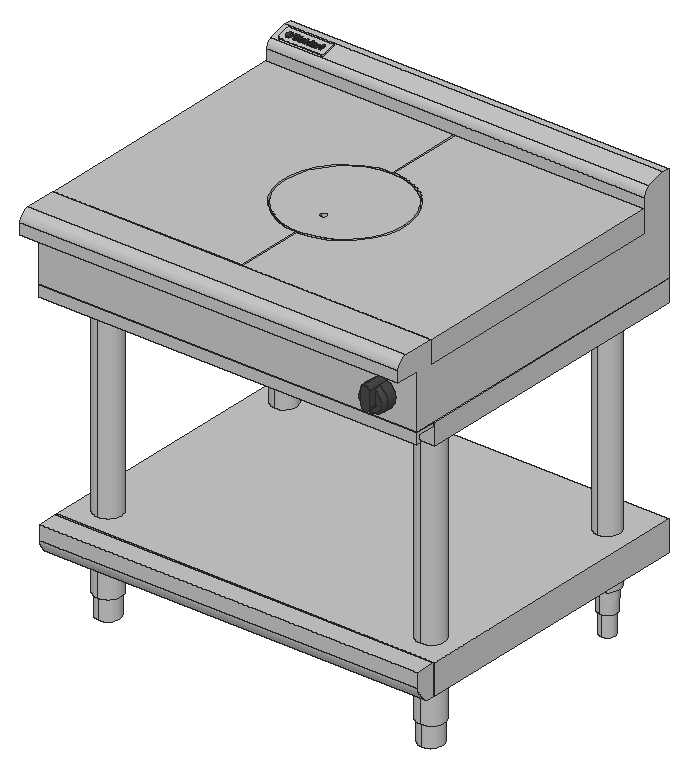
Revit family "QF_MOFFAT WALDORF_RNL8100G-LS", category Specialty Equipment, Revit 2012
Parameters
  Width = 900 mm
  Weight in Pounds = 392.4224
  URL Cutsheet = "www.moffat.com"
  URL = "www.moffat.com"
  Type Mark [instance] = ""
  Status [instance] = ""
  Specification by User [instance] = ""
  Specification by Manufacturer = ""
  Show Logo [instance] = yes
  Show Clearance [instance] = yes
  Serial Number = ""
  Seismic Rating = ""
  SMACNA No = ""
  Revision Code [instance] = ""
  Omniclass Number and Title = ""
  NAFEM Spec ID Number = ""
  Model = "RNL8100G-LS"
  Mechanical Remarks = ""
  Mechanical Connection Type [instance] = ""
  Masterspec = ""
  Manufacturer = "MOFFAT WALDORF"
  Item Number [instance] = ""
  Installed By [instance] = ""
  Identify Quantity as Lot [instance] = yes
  Height = 970 mm
  Gas Size = 3/4"
  Gas RI Height [instance] = 0 mm
  Gas KW [instance] = 12.5
  Gas Input [instance] = 42652.0 Btu/h
  Gas Connection Height = 0 mm
  Furnished By [instance] = ""
  Foodservice Equipment Identifier [instance] = yes
  Description = "TARGET TOP LOW SPLASHBACK GAS HOB ON LEG STAND"
  Depth = 805 mm
  CSI MasterFormat = ""
  CSI Master Format = ""
Reference planes
  plane 1 "BACK": y = 0
  plane 2: z = 0
  plane 3 "LEFT": x = 0
  plane 4 "RIGHT": x = 900
  plane 5 "FRONT": y = -805
  plane 6 "TOP": z = 970
  plane 7 "Center Y": x = 450
  plane 8 "Center X": y = -402.5
  plane 9: x = 280
  plane 10: y = -574.272
  plane 11: x = 60
  plane 12: y = -304.972
  plane 13: y = -364.972
  plane 14: x = 74
  plane 15: y = -805
  plane 16: x = 834.5
  plane 17: y = -32
  plane 18: z = 655
Forms (mm)
  Extrusion 1, solid, material "QF_Finishes_Stainless Steel"
    sketch origin (0, 0, 0) x (0, 1, 0) y (0, 0, 1)
      loop
        line (0, 150) -> (0, 222.5) -> (-696.73, 222.5) -> (-696.73, 150) -> (0, 150)
      loop
        line (-16.5, 970) -> (-58.709, 958.69)
        arc (-58.709, 958.69) -> (-66.975, 950.425) -> (-70, 939.134) r 22.582
        line (-70, 939.134) -> (-70, 861.8) -> (-709, 861.8) -> (-709, 915) -> (-781, 915)
        arc (-781, 915) -> (-797.971, 907.971) -> (-805, 891) r 24
        line (-805, 891) -> (-805, 866) -> (-749, 866) -> (-749, 736.219) -> (0, 736.219) -> (0, 970) -> (-16.5, 970)
      loop
        line (-700.93, 150.071) -> (-700.93, 222.5) -> (-746.73, 222.5) -> (-746.73, 188)
        arc (-746.73, 188) -> (-731.317, 159.995) -> (-700.93, 150.071) r 43.526
      loop
        line (-749, 710) -> (-740.224, 710) -> (-742.613, 726.999) -> (-700.93, 726.999) -> (-700.93, 734.003) -> (-749, 734.003) -> (-749, 710)
      loop
        line (-696.73, 734.003) -> (-696.73, 684.003) -> (0, 684.003) -> (0, 734.003) -> (-696.73, 734.003)
    from 0 to 900
  Extrusion 2, solid, material "QF_Finishes_Stainless Steel"
    sketch origin (0, 0, 0) x (0, 1, 0) y (0, 0, 1)
      loop
        line (-72.734, 915) -> (-705.7, 915) -> (-705.7, 862.8) -> (-72.734, 862.8) -> (-72.734, 915)
    from 0 to 900
  Revolve 3, solid, material "QF_Finishes_Black"
    sketch origin (824.351, 38.874, 1.132) x (0, 1, 0) y (0, 0, 1)
      loop
        line (-820.874, 829.5) -> (-831.874, 823.651) -> (-831.874, 797) -> (-787.874, 797) -> (-787.874, 802) -> (-797.874, 802) -> (-797.874, 829.5) -> (-820.874, 829.5)
      axis (-831.874, 797) -> (-787.874, 797)
    angle from 0 to 360
  Extrusion 4, solid, material "QF_Finishes_Black"
    sketch origin (676.544, 0, 1.132) x (1, 0, 0) y (0, 0, 1)
      loop
        line (158.3, 789) -> (158.3, 824)
        arc (158.3, 824) -> (148.3, 834) -> (138.3, 824) r 10
        line (138.3, 824) -> (138.3, 789)
        arc (138.3, 789) -> (148.3, 779) -> (158.3, 789) r 10
    from 759 to 808
  Extrusion 5, void
    sketch origin (0, -138, 915) x (1, 0, 0) y (0, -1, 0)
      loop
        circle (450, 262.2) r 140
      loop
        arc (452.2, 117.22) -> (594.802, 262.404) -> (451.798, 407.193) r 145.003
        line (451.798, 407.193) -> (451.798, 567.7) -> (447.7, 567.7) -> (447.7, 407.17)
        arc (447.7, 407.17) -> (305.533, 262.063) -> (447.967, 117.217) r 145.002
        line (447.967, 117.217) -> (447.967, -65.266) -> (452.2, -65.266) -> (452.2, 117.22)
      loop
        circle (450, 324.79) r 7.524
    from 0 to 10
  Revolve 6, solid, material "QF_Finishes_Stainless Steel"
    sketch origin (834.5, -165, 0) x (0, 1, 0) y (0, 0, -1)
      loop
        line (43.25, -50) -> (41.418, -102.468) -> (36.406, -102.468) -> (36.406, -150) -> (65, -150) -> (65, 0) -> (47.5, 0) -> (47.5, -50) -> (43.25, -50)
      loop
        line (65, -222.5) -> (36.406, -222.5) -> (36.406, -684.003) -> (65, -684.003) -> (65, -222.5)
      axis (65, -684.003) -> (65, 0)
    angle from 0 to 360
  Revolve 7, solid, material "QF_Finishes_Stainless Steel"
    sketch origin (834.5, -696.126, 0) x (0, 1, 0) y (0, 0, -1)
      loop
        line (39.376, -150) -> (71.126, -150) -> (71.126, 0) -> (43.626, 0) -> (43.626, -50) -> (39.376, -50) -> (39.376, -150)
      loop
        line (71.126, -222.5) -> (39.376, -222.5) -> (39.376, -684.003) -> (71.126, -684.003) -> (71.126, -222.5)
      axis (71.126, -684.003) -> (71.126, 0)
    angle from 0 to 360
  Revolve 8, solid, material "QF_Finishes_Stainless Steel"
    sketch origin (65.5, -165, 0) x (0, 1, 0) y (0, 0, 1)
      loop
        line (41.418, 102.468) -> (43.25, 50) -> (47.5, 50) -> (47.5, 0) -> (65, 0) -> (65, 150) -> (36.406, 150) -> (36.406, 102.468) -> (41.418, 102.468)
      loop
        line (36.406, 684.003) -> (36.406, 222.5) -> (65, 222.5) -> (65, 684.003) -> (36.406, 684.003)
      axis (65, 684.003) -> (65, 0)
    angle from 0 to 360
  Revolve 9, solid, material "QF_Finishes_Stainless Steel"
    sketch origin (65.5, -696.126, 0) x (0, 1, 0) y (0, 0, 1)
      loop
        line (39.376, 150) -> (39.376, 50) -> (43.626, 50) -> (43.626, 0) -> (71.126, 0) -> (71.126, 150) -> (39.376, 150)
      loop
        line (71.126, 222.5) -> (71.126, 684.003) -> (39.376, 684.003) -> (39.376, 222.5) -> (71.126, 222.5)
      axis (71.126, 684.003) -> (71.126, 0)
    angle from 0 to 360
  Extrusion 10, solid, material "QF_Finishes_Stainless Steel"
    sketch origin (-64.5, 0, 325) x (1, 0, 0) y (0, 1, 0)
      loop
        circle (834.5, -32) r 10
    from 330 to 355
Cuts and joins
  Extrusion 5 cuts Extrusion 1
  Extrusion 5 cuts Extrusion 2
Lines and regions (mm)
  Split face 1
    outline origin (0, -16.5, 970) x (0, -0.965926, -0.258819) y (1, 0, 0)
      loop
        line (1.962, 129.583) -> (29.558, 129.583) -> (29.558, 149.583) -> (1.962, 149.583) -> (1.962, 129.583)
  Split face 2
    outline origin (0, -16.5, 970) x (0, -0.965926, -0.258819) y (1, 0, 0)
      loop
        line (29.558, 156.5) -> (29.558, 176.5) -> (1.962, 176.5) -> (1.962, 156.5) -> (29.558, 156.5)
  Split face 3
    outline origin (0, -16.5, 970) x (0, -0.965926, -0.258819) y (1, 0, 0)
      loop
        line (29.558, 203.5) -> (1.962, 203.5) -> (1.962, 183.5) -> (29.558, 183.5) -> (29.558, 203.5)
  Split face 4
    outline origin (0, -16.5, 970) x (0, -0.965926, -0.258819) y (1, 0, 0)
      loop
        line (29.558, 230.5) -> (1.962, 230.5) -> (1.962, 210.5) -> (29.558, 210.5) -> (29.558, 230.5)
  Split face 5
    outline origin (0, -16.5, 970) x (0, -0.965926, -0.258819) y (1, 0, 0)
      loop
        line (29.558, 257.5) -> (1.962, 257.5) -> (1.962, 237.5) -> (29.558, 237.5) -> (29.558, 257.5)
  Split face 6
    outline origin (0, -16.5, 970) x (0, -0.965926, -0.258819) y (1, 0, 0)
      loop
        line (29.558, 264.5) -> (29.558, 284.5) -> (1.962, 284.5) -> (1.962, 264.5) -> (29.558, 264.5)
  Split face 7
    outline origin (0, -16.5, 970) x (0, -0.965926, -0.258819) y (1, 0, 0)
      loop
        line (29.558, 311.5) -> (1.962, 311.5) -> (1.962, 291.5) -> (29.558, 291.5) -> (29.558, 311.5)
  Split face 8
    outline origin (0, -16.5, 970) x (0, -0.965926, -0.258819) y (1, 0, 0)
      loop
        line (1.962, 638.5) -> (1.962, 618.5) -> (29.558, 618.5) -> (29.558, 638.5) -> (1.962, 638.5)
  Split face 9
    outline origin (0, -16.5, 970) x (0, -0.965926, -0.258819) y (1, 0, 0)
      loop
        line (1.962, 645.5) -> (29.558, 645.5) -> (29.558, 665.5) -> (1.962, 665.5) -> (1.962, 645.5)
  Split face 10
    outline origin (0, -16.5, 970) x (0, -0.965926, -0.258819) y (1, 0, 0)
      loop
        line (29.558, 672.5) -> (29.558, 692.5) -> (1.962, 692.5) -> (1.962, 672.5) -> (29.558, 672.5)
  Split face 11
    outline origin (0, -16.5, 970) x (0, -0.965926, -0.258819) y (1, 0, 0)
      loop
        line (29.558, 699.5) -> (29.558, 719.5) -> (1.962, 719.5) -> (1.962, 699.5) -> (29.558, 699.5)
  Split face 12
    outline origin (0, -16.5, 970) x (0, -0.965926, -0.258819) y (1, 0, 0)
      loop
        line (29.558, 726.5) -> (29.558, 746.5) -> (1.962, 746.5) -> (1.962, 726.5) -> (29.558, 726.5)
  Split face 13
    outline origin (0, -16.5, 970) x (0, -0.965926, -0.258819) y (1, 0, 0)
      loop
        line (1.962, 753.5) -> (29.558, 753.5) -> (29.558, 773.5) -> (1.962, 773.5) -> (1.962, 753.5)
  Split face 14
    outline origin (29.312, -16.5, 970) x (0, -0.965926, -0.258819) y (1, 0, 0)
      loop
        line (29.558, 311.5) -> (1.962, 311.5) -> (1.962, 291.5) -> (29.558, 291.5) -> (29.558, 311.5)
  Split face 15
    outline origin (58.539, -16.5, 970) x (0, -0.965926, -0.258819) y (1, 0, 0)
      loop
        line (29.558, 311.5) -> (1.962, 311.5) -> (1.962, 291.5) -> (29.558, 291.5) -> (29.558, 311.5)
  Split face 16
    outline origin (85.538, -16.5, 970) x (0, -0.965926, -0.258819) y (1, 0, 0)
      loop
        line (29.558, 311.5) -> (1.962, 311.5) -> (1.962, 291.5) -> (29.558, 291.5) -> (29.558, 311.5)
  Split face 17
    outline origin (111.014, -16.5, 970) x (0, -0.965926, -0.258819) y (1, 0, 0)
      loop
        line (29.558, 311.5) -> (1.962, 311.5) -> (1.962, 291.5) -> (29.558, 291.5) -> (29.558, 311.5)
  Split face 18
    outline origin (137.462, -16.5, 970) x (0, -0.965926, -0.258819) y (1, 0, 0)
      loop
        line (29.558, 311.5) -> (1.962, 311.5) -> (1.962, 291.5) -> (29.558, 291.5) -> (29.558, 311.5)
  Split face 19
    outline origin (163.546, -16.5, 970) x (0, -0.965926, -0.258819) y (1, 0, 0)
      loop
        line (29.558, 311.5) -> (1.962, 311.5) -> (1.962, 291.5) -> (29.558, 291.5) -> (29.558, 311.5)
  Split face 20
    outline origin (189.443, -16.5, 970) x (0, -0.965926, -0.258819) y (1, 0, 0)
      loop
        line (29.558, 311.5) -> (1.962, 311.5) -> (1.962, 291.5) -> (29.558, 291.5) -> (29.558, 311.5)
  Split face 21
    outline origin (215.891, -16.5, 970) x (0, -0.965926, -0.258819) y (1, 0, 0)
      loop
        line (29.558, 311.5) -> (1.962, 311.5) -> (1.962, 291.5) -> (29.558, 291.5) -> (29.558, 311.5)
  Split face 22
    outline origin (246.196, -16.5, 970) x (0, -0.965926, -0.258819) y (1, 0, 0)
      loop
        line (29.558, 311.5) -> (1.962, 311.5) -> (1.962, 291.5) -> (29.558, 291.5) -> (29.558, 311.5)
  Split face 23
    outline origin (274.297, -16.5, 970) x (0, -0.965926, -0.258819) y (1, 0, 0)
      loop
        line (29.558, 311.5) -> (1.962, 311.5) -> (1.962, 291.5) -> (29.558, 291.5) -> (29.558, 311.5)
  Split face 24
    outline origin (299.643, -16.5, 970) x (0, -0.965926, -0.258819) y (1, 0, 0)
      loop
        line (29.558, 311.5) -> (1.962, 311.5) -> (1.962, 291.5) -> (29.558, 291.5) -> (29.558, 311.5)
  symbolic lines
    curve 1: line (0, 0, 0) -> (0, -805, 0)
    curve 2: line (900, 0, 0) -> (0, 0, 0)
    curve 3: line (900, -805, 0) -> (900, 0, 0)
    curve 4: line (0, -70, 0) -> (900, -70, 0)
    curve 5: line (12.5, -51.234, 0) -> (12.5, -20.958, 0)
    curve 6: line (12.5, -20.958, 0) -> (121.5, -20.958, 0)
    curve 7: line (12.5, -51.234, 0) -> (121.5, -51.234, 0)
    curve 8: line (121.5, -20.958, 0) -> (121.5, -51.234, 0)
    curve 9: line (129.583, -22.262, 0) -> (129.583, -50.526, 0)
    curve 10: line (129.583, -50.526, 0) -> (149.583, -50.526, 0)
    curve 11: line (149.583, -50.526, 0) -> (149.583, -22.262, 0)
    curve 12: line (149.583, -22.262, 0) -> (129.583, -22.262, 0)
    curve 13: line (156.5, -22.262, 0) -> (156.5, -50.526, 0)
    curve 14: line (156.5, -50.526, 0) -> (176.5, -50.526, 0)
    curve 15: line (176.5, -50.526, 0) -> (176.5, -22.262, 0)
    curve 16: line (176.5, -22.262, 0) -> (156.5, -22.262, 0)
    curve 17: line (183.5, -22.262, 0) -> (183.5, -50.526, 0)
    curve 18: line (183.5, -50.526, 0) -> (203.5, -50.526, 0)
    curve 19: line (203.5, -50.526, 0) -> (203.5, -22.262, 0)
    curve 20: line (203.5, -22.262, 0) -> (183.5, -22.262, 0)
    curve 21: line (210.5, -22.262, 0) -> (210.5, -50.526, 0)
    curve 22: line (210.5, -50.526, 0) -> (230.5, -50.526, 0)
    curve 23: line (230.5, -50.526, 0) -> (230.5, -22.262, 0)
    curve 24: line (230.5, -22.262, 0) -> (210.5, -22.262, 0)
    curve 25: line (900, -805, 0) -> (0, -805, 0)
    curve 26: line (237.5, -22.262, 0) -> (237.5, -50.526, 0)
    curve 27: line (237.5, -50.526, 0) -> (257.5, -50.526, 0)
    curve 28: line (257.5, -50.526, 0) -> (257.5, -22.262, 0)
    curve 29: line (257.5, -22.262, 0) -> (237.5, -22.262, 0)
    curve 30: line (264.417, -22.262, 0) -> (264.417, -50.526, 0)
    curve 31: line (264.417, -50.526, 0) -> (284.417, -50.526, 0)
    curve 32: line (284.417, -50.526, 0) -> (284.417, -22.262, 0)
    curve 33: line (284.417, -22.262, 0) -> (264.417, -22.262, 0)
    curve 34: line (291.417, -22.262, 0) -> (291.417, -50.526, 0)
    curve 35: line (291.417, -50.526, 0) -> (311.417, -50.526, 0)
    curve 36: line (311.417, -50.526, 0) -> (311.417, -22.262, 0)
    curve 37: line (311.417, -22.262, 0) -> (291.417, -22.262, 0)
    curve 38: line (318.417, -22.262, 0) -> (318.417, -50.526, 0)
    curve 39: line (318.417, -50.526, 0) -> (338.417, -50.526, 0)
    curve 40: line (338.417, -50.526, 0) -> (338.417, -22.262, 0)
    curve 41: line (338.417, -22.262, 0) -> (318.417, -22.262, 0)
    curve 42: line (350.039, -22.262, 0) -> (350.039, -50.526, 0)
    curve 43: line (350.039, -50.526, 0) -> (370.039, -50.526, 0)
    curve 44: line (370.039, -50.526, 0) -> (370.039, -22.262, 0)
    curve 45: line (370.039, -22.262, 0) -> (350.039, -22.262, 0)
    curve 46: line (376.956, -22.262, 0) -> (376.956, -50.526, 0)
    curve 47: line (376.956, -50.526, 0) -> (396.956, -50.526, 0)
    curve 48: line (396.956, -50.526, 0) -> (396.956, -22.262, 0)
    curve 49: line (396.956, -22.262, 0) -> (376.956, -22.262, 0)
    curve 50: line (403.956, -22.262, 0) -> (403.956, -50.526, 0)
    curve 51: line (403.956, -50.526, 0) -> (423.956, -50.526, 0)
    curve 52: line (423.956, -50.526, 0) -> (423.956, -22.262, 0)
    curve 53: line (423.956, -22.262, 0) -> (403.956, -22.262, 0)
    curve 54: line (430.956, -22.262, 0) -> (430.956, -50.526, 0)
    curve 55: line (430.956, -50.526, 0) -> (450.956, -50.526, 0)
    curve 56: line (450.956, -50.526, 0) -> (450.956, -22.262, 0)
    curve 57: line (450.956, -22.262, 0) -> (430.956, -22.262, 0)
    curve 58: line (457.956, -22.262, 0) -> (457.956, -50.526, 0)
    curve 59: line (457.956, -50.526, 0) -> (477.956, -50.526, 0)
    curve 60: line (477.956, -50.526, 0) -> (477.956, -22.262, 0)
    curve 61: line (477.956, -22.262, 0) -> (457.956, -22.262, 0)
    curve 62: line (484.872, -22.262, 0) -> (484.872, -50.526, 0)
    curve 63: line (484.872, -50.526, 0) -> (504.872, -50.526, 0)
    curve 64: line (504.872, -50.526, 0) -> (504.872, -22.262, 0)
    curve 65: line (504.872, -22.262, 0) -> (484.872, -22.262, 0)
    curve 66: line (511.872, -22.262, 0) -> (511.872, -50.526, 0)
    curve 67: line (511.872, -50.526, 0) -> (531.872, -50.526, 0)
    curve 68: line (531.872, -50.526, 0) -> (531.872, -22.262, 0)
    curve 69: line (531.872, -22.262, 0) -> (511.872, -22.262, 0)
    curve 70: line (538.872, -22.262, 0) -> (538.872, -50.526, 0)
    curve 71: line (538.872, -50.526, 0) -> (558.872, -50.526, 0)
    curve 72: line (558.872, -50.526, 0) -> (558.872, -22.262, 0)
    curve 73: line (558.872, -22.262, 0) -> (538.872, -22.262, 0)
    curve 74: line (565.797, -22.262, 0) -> (565.797, -50.526, 0)
    curve 75: line (565.797, -50.526, 0) -> (585.797, -50.526, 0)
    curve 76: line (585.797, -50.526, 0) -> (585.797, -22.262, 0)
    curve 77: line (585.797, -22.262, 0) -> (565.797, -22.262, 0)
    curve 78: line (592.714, -22.262, 0) -> (592.714, -50.526, 0)
    curve 79: line (592.714, -50.526, 0) -> (612.714, -50.526, 0)
    curve 80: line (612.714, -50.526, 0) -> (612.714, -22.262, 0)
    curve 81: line (612.714, -22.262, 0) -> (592.714, -22.262, 0)
    curve 82: line (619.714, -22.262, 0) -> (619.714, -50.526, 0)
    curve 83: line (619.714, -50.526, 0) -> (639.714, -50.526, 0)
    curve 84: line (639.714, -50.526, 0) -> (639.714, -22.262, 0)
    curve 85: line (639.714, -22.262, 0) -> (619.714, -22.262, 0)
    curve 86: line (646.714, -22.262, 0) -> (646.714, -50.526, 0)
    curve 87: line (646.714, -50.526, 0) -> (666.714, -50.526, 0)
    curve 88: line (666.714, -50.526, 0) -> (666.714, -22.262, 0)
    curve 89: line (666.714, -22.262, 0) -> (646.714, -22.262, 0)
    curve 90: line (673.714, -22.262, 0) -> (673.714, -50.526, 0)
    curve 91: line (673.714, -50.526, 0) -> (693.714, -50.526, 0)
    curve 92: line (693.714, -50.526, 0) -> (693.714, -22.262, 0)
    curve 93: line (693.714, -22.262, 0) -> (673.714, -22.262, 0)
    curve 94: line (700.631, -22.262, 0) -> (700.631, -50.526, 0)
    curve 95: line (700.631, -50.526, 0) -> (720.631, -50.526, 0)
    curve 96: line (720.631, -50.526, 0) -> (720.631, -22.262, 0)
    curve 97: line (720.631, -22.262, 0) -> (700.631, -22.262, 0)
    curve 98: line (727.631, -22.262, 0) -> (727.631, -50.526, 0)
    curve 99: line (727.631, -50.526, 0) -> (747.631, -50.526, 0)
    curve 100: line (747.631, -50.526, 0) -> (747.631, -22.262, 0)
    curve 101: line (747.631, -22.262, 0) -> (727.631, -22.262, 0)
    curve 102: line (754.631, -22.262, 0) -> (754.631, -50.526, 0)
    curve 103: line (754.631, -50.526, 0) -> (774.631, -50.526, 0)
    curve 104: line (774.631, -50.526, 0) -> (774.631, -22.262, 0)
    curve 105: line (774.631, -22.262, 0) -> (754.631, -22.262, 0)
    curve 106: line (447.967, -72.734, 0) -> (447.967, -255.217, 0)
    curve 107: arc (452.2, -255.22, 0) -> (594.802, -400.404, 0) -> (451.798, -545.193, 0) r 145.003
    curve 108: line (452.2, -255.22, 0) -> (452.2, -72.734, 0)
    curve 109: arc (590, -400.2, 0) -> (450, -260.2, 0) -> (310, -400.2, 0) r 140
    curve 110: arc (447.7, -545.17, 0) -> (305.533, -400.063, 0) -> (447.967, -255.217, 0) r 145.002
    curve 111: arc (310, -400.2, 0) -> (450, -540.2, 0) -> (590, -400.2, 0) r 140
    curve 112: line (451.798, -705.7, 0) -> (451.798, -545.193, 0)
    curve 113: line (447.7, -545.17, 0) -> (447.7, -705.7, 0)
    curve 114: line (900, -709, 0) -> (0, -709, 0)
    curve 115: line (0, -705.7, 0) -> (900, -705.7, 0)
    curve 116: line (900, -72.734, 0) -> (0, -72.734, 0)
    curve 117: arc (442.476, -462.79, 0) -> (450, -455.266, 0) -> (457.524, -462.79, 0) r 7.524
    curve 118: arc (457.524, -462.79, 0) -> (450, -470.314, 0) -> (442.476, -462.79, 0) r 7.524
Dimensions and locks
  equal spacing: plane 3 "LEFT", plane 7 "Center Y", plane 4 "RIGHT"
  "Width": plane 3 "LEFT" to plane 4 "RIGHT"
  equal spacing: plane 5 "FRONT", plane 8 "Center X", plane 1 "BACK"
  plane 5 "FRONT" to plane 1 "BACK" = 805 mm  (x2)
  equal spacing: plane 4 "RIGHT", plane 7 "Center Y", plane 3 "LEFT"
  plane 4 "RIGHT" to plane 3 "LEFT" = 900 mm
  "Height": plane 6 "TOP" to level
  plane 10 to plane 1 "BACK" = 574.272 mm
  plane 12 to plane 1 "BACK" = 304.972 mm  (x2)
  plane 11 to plane 3 "LEFT" = 60 mm
  plane 14 to plane 3 "LEFT" = 74 mm
  plane 9 to plane 3 "LEFT" = 280 mm
  "Depth": plane 1 "BACK" to plane 15
  plane 15 to plane 5 "FRONT" = 0 mm
  plane 6 "TOP" to plane 2 = 970 mm
  cut or joined group of Extrusion 1, Extrusion 5 to level = 915 mm
  level to cut or joined group of Extrusion 1, Extrusion 5 = 150 mm
  locked: plane 2 to Extrusion 1 sketch curve at 861.8
  locked: plane 2 to Extrusion 1 sketch curve at 915
  aligned and locked: level to plane 2
  aligned and locked: curve 3 to plane 4 "RIGHT"
  aligned and locked: Extrusion 1 to Extrusion 2  (x2)
Automatic sketch dimensions
  Extrusion 1 to Split face 1 sketch curve = 1.962 mm
  Split face 1 sketch curve to Extrusion 1 = 14.14 mm
  Split face 1 sketch curve to Extrusion 1 = 129.583 mm
  Split face 1 sketch curve to Split face 1 sketch curve = 20 mm
  Extrusion 1 to Split face 2 sketch curve = 1.962 mm
  Split face 2 sketch curve to Extrusion 1 = 14.14 mm
  Split face 2 sketch curve to Extrusion 1 = 156.5 mm
  Split face 2 sketch curve to Split face 2 sketch curve = 20 mm
  Extrusion 1 to Split face 3 sketch curve = 1.962 mm
  Split face 3 sketch curve to Extrusion 1 = 14.14 mm
  Split face 3 sketch curve to Extrusion 1 = 183.5 mm
  Split face 3 sketch curve to Split face 3 sketch curve = 20 mm
  Extrusion 1 to Split face 4 sketch curve = 1.962 mm
  Split face 4 sketch curve to Extrusion 1 = 14.14 mm
  Split face 4 sketch curve to Extrusion 1 = 210.5 mm
  Split face 4 sketch curve to Split face 4 sketch curve = 20 mm
  Extrusion 1 to Split face 5 sketch curve = 1.962 mm
  Split face 5 sketch curve to Extrusion 1 = 14.14 mm
  Split face 5 sketch curve to Extrusion 1 = 237.5 mm
  Split face 5 sketch curve to Split face 5 sketch curve = 20 mm
  Extrusion 1 to Split face 6 sketch curve = 1.962 mm
  Split face 6 sketch curve to Extrusion 1 = 14.14 mm
  Split face 6 sketch curve to Extrusion 1 = 264.5 mm
  Split face 6 sketch curve to Split face 6 sketch curve = 20 mm
  Extrusion 1 to Split face 7 sketch curve = 1.962 mm
  Split face 7 sketch curve to Extrusion 1 = 14.14 mm
  Split face 7 sketch curve to Extrusion 1 = 291.5 mm
  Split face 7 sketch curve to Split face 7 sketch curve = 20 mm
  Extrusion 1 to Split face 8 sketch curve = 1.962 mm
  Split face 8 sketch curve to Extrusion 1 = 14.14 mm
  Split face 8 sketch curve to Extrusion 1 = 281.5 mm
  Split face 8 sketch curve to Split face 8 sketch curve = 20 mm
  Extrusion 1 to Split face 9 sketch curve = 1.962 mm
  Split face 9 sketch curve to Extrusion 1 = 14.14 mm
  Split face 9 sketch curve to Extrusion 1 = 254.5 mm
  Split face 9 sketch curve to Split face 9 sketch curve = 20 mm
  Extrusion 1 to Split face 10 sketch curve = 1.962 mm
  Split face 10 sketch curve to Extrusion 1 = 14.14 mm
  Split face 10 sketch curve to Extrusion 1 = 227.5 mm
  Split face 10 sketch curve to Split face 10 sketch curve = 20 mm
  Extrusion 1 to Split face 11 sketch curve = 1.962 mm
  Split face 11 sketch curve to Extrusion 1 = 14.14 mm
  Split face 11 sketch curve to Extrusion 1 = 200.5 mm
  Split face 11 sketch curve to Split face 11 sketch curve = 20 mm
  Extrusion 1 to Split face 12 sketch curve = 1.962 mm
  Split face 12 sketch curve to Extrusion 1 = 14.14 mm
  Split face 12 sketch curve to Extrusion 1 = 173.5 mm
  Split face 12 sketch curve to Split face 12 sketch curve = 20 mm
  Extrusion 1 to Split face 13 sketch curve = 1.962 mm
  Split face 13 sketch curve to Extrusion 1 = 14.14 mm
  Split face 13 sketch curve to Extrusion 1 = 146.5 mm
  Split face 13 sketch curve to Split face 13 sketch curve = 20 mm
  Extrusion 2 sketch curve to plane 5 "FRONT" = 99.3 mm
  Extrusion 2 sketch curve to plane 17 = 40.734 mm
  plane 18 to Extrusion 2 sketch curve = 207.8 mm
  Extrusion 2 sketch curve to Extrusion 2 sketch curve = 52.2 mm
  Extrusion 1 to Split face 14 sketch curve = 1.962 mm
  Split face 14 sketch curve to Extrusion 1 = 14.14 mm
  Split face 14 sketch curve to Extrusion 1 = 320.812 mm
  Split face 14 sketch curve to Split face 14 sketch curve = 20 mm
  Extrusion 1 to Split face 15 sketch curve = 1.962 mm
  Split face 15 sketch curve to Extrusion 1 = 14.14 mm
  Split face 15 sketch curve to Extrusion 1 = 350.039 mm
  Split face 15 sketch curve to Split face 15 sketch curve = 20 mm
  Extrusion 1 to Split face 16 sketch curve = 1.962 mm
  Split face 16 sketch curve to Extrusion 1 = 14.14 mm
  Split face 16 sketch curve to Extrusion 1 = 377.038 mm
  Split face 16 sketch curve to Split face 16 sketch curve = 20 mm
  Extrusion 1 to Split face 17 sketch curve = 1.962 mm
  Split face 17 sketch curve to Extrusion 1 = 14.14 mm
  Split face 17 sketch curve to Extrusion 1 = 402.514 mm
  Split face 17 sketch curve to Split face 17 sketch curve = 20 mm
  Extrusion 1 to Split face 18 sketch curve = 1.962 mm
  Split face 18 sketch curve to Extrusion 1 = 14.14 mm
  Split face 18 sketch curve to Extrusion 1 = 428.962 mm
  Split face 18 sketch curve to Split face 18 sketch curve = 20 mm
  Extrusion 1 to Split face 19 sketch curve = 1.962 mm
  Split face 19 sketch curve to Extrusion 1 = 14.14 mm
  Split face 19 sketch curve to Extrusion 1 = 444.954 mm
  Split face 19 sketch curve to Split face 19 sketch curve = 20 mm
  Extrusion 1 to Split face 20 sketch curve = 1.962 mm
  Split face 20 sketch curve to Extrusion 1 = 14.14 mm
  Split face 20 sketch curve to Extrusion 1 = 419.057 mm
  Split face 20 sketch curve to Split face 20 sketch curve = 20 mm
  Extrusion 1 to Split face 21 sketch curve = 1.962 mm
  Split face 21 sketch curve to Extrusion 1 = 14.14 mm
  Split face 21 sketch curve to Extrusion 1 = 392.609 mm
  Split face 21 sketch curve to Split face 21 sketch curve = 20 mm
  Extrusion 1 to Split face 22 sketch curve = 1.962 mm
  Split face 22 sketch curve to Extrusion 1 = 14.14 mm
  Split face 22 sketch curve to Extrusion 1 = 362.304 mm
  Split face 22 sketch curve to Split face 22 sketch curve = 20 mm
  Extrusion 1 to Split face 23 sketch curve = 1.962 mm
  Split face 23 sketch curve to Extrusion 1 = 14.14 mm
  Split face 23 sketch curve to Extrusion 1 = 334.203 mm
  Split face 23 sketch curve to Split face 23 sketch curve = 20 mm
  Extrusion 1 to Split face 24 sketch curve = 1.962 mm
  Split face 24 sketch curve to Extrusion 1 = 14.14 mm
  Split face 24 sketch curve to Extrusion 1 = 308.857 mm
  Split face 24 sketch curve to Split face 24 sketch curve = 20 mm
  Revolve 3 sketch curve to plane 5 "FRONT" = 12 mm
  Revolve 3 sketch curve to Revolve 3 sketch curve = 0 mm  (x2)
  Revolve 3 sketch curve to Revolve 3 sketch curve = 11 mm
  Revolve 3 sketch curve to Revolve 3 sketch curve = 12.7 mm
  Revolve 3 sketch curve to Revolve 3 sketch curve = 23 mm
  Revolve 3 sketch curve to Revolve 3 sketch curve = 10 mm
  plane 18 to Revolve 3 sketch curve = 143.132 mm
  Revolve 3 sketch curve to Revolve 3 sketch curve = 5 mm
  Revolve 3 sketch curve to Revolve 3 sketch curve = 26.651 mm
  Revolve 3 sketch curve to Revolve 3 sketch curve = 5.849 mm
  Extrusion 4 sketch curve to plane 16 = 19.656 mm
  Extrusion 4 sketch curve to plane 16 = 9.656 mm
  plane 18 to Extrusion 4 sketch curve = 135.132 mm
  Extrusion 4 sketch curve to Extrusion 4 sketch curve = 35 mm
  Extrusion 5 sketch curve to Extrusion 2 = 0 mm
  Extrusion 2 to Extrusion 5 sketch curve = 0 mm
  Extrusion 2 to Extrusion 5 sketch curve = 160.53 mm
  Extrusion 2 to Extrusion 5 sketch curve = 447.7 mm
  Extrusion 2 to Extrusion 5 sketch curve = 447.967 mm
  Extrusion 5 sketch curve to Extrusion 5 sketch curve = 2.099 mm
  Extrusion 5 sketch curve to Extrusion 5 sketch curve = 0.201 mm  (x2)
  Extrusion 5 sketch curve to Extrusion 5 sketch curve = 0.535 mm
  Extrusion 5 sketch curve to Extrusion 5 sketch curve = 4.098 mm
  Extrusion 5 sketch curve to Extrusion 5 sketch curve = 4.232 mm
  Extrusion 5 sketch curve to Extrusion 5 sketch curve = 0.022 mm
  Extrusion 5 sketch curve to Extrusion 5 sketch curve = 82.38 mm
  Extrusion 5 sketch curve to Extrusion 5 sketch curve = 62.587 mm
  Extrusion 5 sketch curve to Extrusion 5 sketch curve = 0.003 mm
  Extrusion 5 sketch curve to Extrusion 5 sketch curve = 0.004 mm
  Extrusion 10 sketch curve to plane 17 = 0 mm
  Extrusion 10 sketch curve to plane 16 = 64.5 mm
  plane 1 "BACK" to curve 1 = 0 mm
  curve 1 to plane 3 "LEFT" = 0 mm
  curve 117 to plane 7 "Center Y" = 0 mm
  curve 111 to plane 7 "Center Y" = 0 mm
  plane 3 "LEFT" to curve 6 = 12.5 mm
  plane 17 to curve 8 = 11.042 mm
  plane 14 to curve 8 = 47.5 mm
  curve 7 to curve 9 = 8.083 mm
  curve 9 to curve 11 = 20 mm
  curve 10 to curve 13 = 6.917 mm
  curve 13 to curve 15 = 20 mm
  curve 15 to curve 20 = 7 mm
  curve 17 to curve 18 = 20 mm
  curve 19 to curve 24 = 7 mm
  curve 21 to curve 22 = 20 mm
  curve 23 to curve 26 = 7 mm
  plane 17 to curve 28 = 9.738 mm
  curve 26 to curve 28 = 20 mm
  curve 27 to curve 30 = 6.917 mm
  plane 9 to curve 32 = 4.417 mm
  curve 32 to curve 34 = 7 mm
  plane 8 "Center X" to curve 111 = 2.3 mm
  plane 9 to curve 111 = 30 mm
  curve 34 to curve 35 = 20 mm
  curve 35 to curve 39 = 7 mm
  plane 17 to curve 41 = 9.738 mm
  curve 38 to curve 41 = 20 mm
  curve 40 to curve 42 = 11.622 mm
  plane 17 to curve 45 = 9.738 mm
  curve 42 to curve 45 = 20 mm
  curve 43 to curve 47 = 6.917 mm
  curve 46 to curve 48 = 20 mm
  curve 47 to curve 51 = 7 mm
  curve 50 to curve 52 = 20 mm
  curve 51 to curve 55 = 7 mm
  curve 118 to plane 7 "Center Y" = 7.524 mm
  curve 110 to plane 7 "Center Y" = 2.3 mm
  curve 106 to plane 7 "Center Y" = 2.033 mm
  curve 107 to plane 7 "Center Y" = 0.201 mm
  plane 7 "Center Y" to curve 110 = 0.535 mm
  plane 7 "Center Y" to curve 55 = 0.956 mm
  plane 7 "Center Y" to curve 107 = 1.798 mm
  plane 7 "Center Y" to curve 108 = 2.2 mm
  curve 56 to curve 58 = 7 mm
  plane 17 to curve 60 = 9.738 mm
  curve 58 to curve 60 = 20 mm
  curve 60 to curve 62 = 6.917 mm
  curve 62 to curve 64 = 20 mm
  curve 63 to curve 66 = 7 mm
  plane 17 to curve 69 = 9.738 mm
  curve 66 to curve 69 = 20 mm
  curve 67 to curve 70 = 7 mm
  curve 70 to curve 72 = 20 mm
  curve 71 to curve 74 = 6.924 mm
  plane 17 to curve 76 = 9.738 mm
  curve 74 to curve 76 = 20 mm
  curve 76 to curve 78 = 6.917 mm
  curve 78 to curve 80 = 20 mm
  curve 79 to curve 82 = 7 mm
  curve 82 to curve 83 = 20 mm
  curve 84 to curve 86 = 7 mm
  curve 86 to curve 87 = 20 mm
  curve 88 to curve 90 = 7 mm
  curve 90 to curve 91 = 20 mm
  curve 92 to curve 97 = 6.917 mm
  plane 17 to curve 96 = 9.738 mm
  curve 94 to curve 96 = 20 mm
  curve 95 to curve 99 = 7 mm
  curve 98 to curve 99 = 20 mm
  curve 100 to curve 105 = 7 mm
  plane 17 to curve 105 = 9.738 mm
  curve 102 to curve 105 = 20 mm
  curve 3 to curve 114 = 96 mm
  curve 114 to curve 115 = 3.3 mm
  plane 10 to curve 107 = 29.08 mm
  curve 112 to curve 110 = 0.022 mm
  curve 117 to plane 8 "Center X" = 60.29 mm
  curve 107 to curve 109 = 0.003 mm
  curve 109 to curve 110 = 0.004 mm
  curve 106 to plane 17 = 40.734 mm
  curve 116 to curve 4 = 2.734 mm
  curve 5 to plane 17 = 19.234 mm
  curve 17 to plane 17 = 18.526 mm
  curve 26 to plane 17 = 18.526 mm
  curve 15 to curve 17 = 0 mm
  curve 27 to curve 30 = 0 mm
  curve 18 to curve 22 = 0 mm
  curve 11 to curve 13 = 0 mm
  curve 31 to curve 34 = 0 mm
  curve 35 to curve 38 = 0 mm
  curve 104 to plane 17 = 18.526 mm
  curve 39 to curve 42 = 0 mm
  curve 100 to curve 102 = 0 mm
  curve 43 to curve 46 = 0 mm
  curve 96 to curve 98 = 0 mm  (x2)
  curve 47 to curve 50 = 0 mm
  curve 92 to curve 94 = 0 mm
  curve 51 to curve 54 = 0 mm
  curve 88 to curve 90 = 0 mm  (x2)
  curve 55 to curve 58 = 0 mm
  curve 84 to curve 86 = 0 mm  (x2)
  curve 59 to curve 62 = 0 mm
  curve 80 to curve 82 = 0 mm  (x2)
  curve 63 to curve 66 = 0 mm
  curve 76 to curve 78 = 0 mm  (x2)
  curve 67 to curve 70 = 0 mm
  curve 68 to curve 73 = 0 mm
  curve 60 to curve 65 = 0 mm
  plane 17 to curve 57 = 9.738 mm
  plane 17 to curve 53 = 9.738 mm
  curve 44 to curve 49 = 0 mm
  plane 17 to curve 37 = 9.738 mm
  curve 28 to curve 33 = 0 mm
  plane 17 to curve 24 = 9.738 mm
  plane 17 to curve 20 = 9.738 mm
  plane 17 to curve 16 = 9.738 mm
  curve 12 to curve 6 = 1.304 mm
  Revolve 9 sketch curve to level = 0 mm
  plane 18 to Revolve 9 sketch curve = 29.003 mm
  Revolve 9 sketch curve to plane 10 = 82.478 mm
  Revolve 9 sketch curve to Revolve 9 sketch curve = 0 mm  (x2)
  Revolve 9 sketch curve to Revolve 9 sketch curve = 4.25 mm
  Revolve 9 sketch curve to Revolve 9 sketch curve = 27.5 mm
  Revolve 9 sketch curve to Revolve 9 sketch curve = 31.75 mm
  Revolve 9 sketch curve to plane 10 = 50.728 mm
  Revolve 9 sketch curve to level = 55 mm
  Revolve 9 sketch curve to Revolve 9 sketch curve = 50 mm
  Revolve 9 sketch curve to Revolve 9 sketch curve = 100 mm
  Revolve 9 sketch curve to Revolve 9 sketch curve = 72.5 mm
  Revolve 7 sketch curve to level = 0 mm
  Revolve 7 sketch curve to plane 10 = 82.478 mm
  plane 18 to Revolve 7 sketch curve = 29.003 mm
  Revolve 7 sketch curve to Revolve 7 sketch curve = 0 mm  (x2)
  Revolve 7 sketch curve to Revolve 7 sketch curve = 4.25 mm
  Revolve 7 sketch curve to Revolve 7 sketch curve = 27.5 mm
  Revolve 7 sketch curve to Revolve 7 sketch curve = 31.75 mm
  Revolve 7 sketch curve to plane 10 = 50.728 mm
  level to Revolve 7 sketch curve = 222.5 mm
  Revolve 7 sketch curve to Revolve 7 sketch curve = 72.5 mm
  level to Revolve 7 sketch curve = 50 mm
  Revolve 7 sketch curve to Revolve 7 sketch curve = 55 mm
  Revolve 8 sketch curve to level = 0 mm
  Revolve 8 sketch curve to plane 17 = 96.594 mm
  Revolve 8 sketch curve to Revolve 8 sketch curve = 0 mm  (x3)
  Revolve 8 sketch curve to Revolve 8 sketch curve = 5.012 mm
  Revolve 8 sketch curve to Revolve 8 sketch curve = 1.832 mm
  Revolve 8 sketch curve to Revolve 8 sketch curve = 4.25 mm
  Revolve 8 sketch curve to Revolve 8 sketch curve = 28.594 mm  (x2)
  Revolve 8 sketch curve to level = 55 mm
  Revolve 8 sketch curve to Revolve 8 sketch curve = 50 mm
  Revolve 8 sketch curve to Revolve 8 sketch curve = 52.468 mm
  Revolve 8 sketch curve to Revolve 8 sketch curve = 47.532 mm
  Revolve 8 sketch curve to Revolve 8 sketch curve = 72.5 mm
  plane 18 to Revolve 8 sketch curve = 29.003 mm
  Revolve 6 sketch curve to level = 0 mm
  Revolve 6 sketch curve to plane 17 = 96.594 mm
  Revolve 6 sketch curve to Revolve 6 sketch curve = 0 mm  (x2)
  Revolve 6 sketch curve to Revolve 6 sketch curve = 5.012 mm
  Revolve 6 sketch curve to Revolve 6 sketch curve = 1.832 mm
  Revolve 6 sketch curve to Revolve 6 sketch curve = 4.25 mm
  Revolve 6 sketch curve to Revolve 6 sketch curve = 17.5 mm  (x2)
  Revolve 6 sketch curve to Revolve 6 sketch curve = 28.594 mm
  level to Revolve 6 sketch curve = 50 mm
  Revolve 6 sketch curve to Revolve 6 sketch curve = 52.468 mm
  Revolve 6 sketch curve to Revolve 6 sketch curve = 47.532 mm
  Revolve 6 sketch curve to Revolve 6 sketch curve = 72.5 mm
  plane 18 to Revolve 6 sketch curve = 29.003 mm
  Revolve 6 sketch curve to Revolve 6 sketch curve = 55 mm
  Extrusion 1 sketch curve to plane 5 "FRONT" = 0 mm
  Extrusion 1 sketch curve to plane 6 "TOP" = 0 mm
  Extrusion 1 sketch curve to plane 1 "BACK" = 0 mm  (x3)
  Extrusion 1 sketch curve to Extrusion 1 sketch curve = 24 mm
  Extrusion 1 sketch curve to plane 5 "FRONT" = 56 mm
  Extrusion 1 sketch curve to Extrusion 1 sketch curve = 0 mm  (x2)
  Extrusion 1 sketch curve to plane 5 "FRONT" = 58.27 mm
  Extrusion 1 sketch curve to Extrusion 1 sketch curve = 6.387 mm
  Extrusion 1 sketch curve to Extrusion 1 sketch curve = 8.776 mm
  Extrusion 1 sketch curve to Extrusion 1 sketch curve = 40 mm
  Extrusion 1 sketch curve to Extrusion 1 sketch curve = 43.174 mm
  Extrusion 1 sketch curve to Extrusion 1 sketch curve = 2.626 mm
  Extrusion 1 sketch curve to Extrusion 1 sketch curve = 41.683 mm
  Extrusion 1 sketch curve to Extrusion 1 sketch curve = 4.2 mm  (x2)
  Extrusion 1 sketch curve to plane 6 "TOP" = 11.31 mm
  Extrusion 1 sketch curve to plane 17 = 15.418 mm
  plane 17 to Extrusion 1 sketch curve = 15.5 mm
  plane 18 to Extrusion 1 sketch curve = 81.219 mm
  Extrusion 1 sketch curve to Extrusion 1 sketch curve = 2.216 mm  (x2)
  Extrusion 1 sketch curve to Extrusion 1 sketch curve = 7.004 mm
  Extrusion 1 sketch curve to Extrusion 1 sketch curve = 16.999 mm
  plane 18 to Extrusion 1 sketch curve = 29.003 mm
  level to Extrusion 1 sketch curve = 222.5 mm
  Extrusion 1 sketch curve to Extrusion 1 sketch curve = 28.982 mm
  Extrusion 1 sketch curve to Extrusion 1 sketch curve = 34.5 mm
  Extrusion 1 sketch curve to Extrusion 1 sketch curve = 0.071 mm
  Extrusion 1 sketch curve to Extrusion 1 sketch curve = 25 mm
  Extrusion 1 sketch curve to Extrusion 1 sketch curve = 19.557 mm
  Extrusion 1 sketch curve to Extrusion 1 sketch curve = 22.582 mm
  plane 5 "FRONT" to curve 25 = 0 mm
  radius of Extrusion 5 sketch curve = 140 mm
  radius of Extrusion 5 sketch curve = 7.524 mm
  radius of Extrusion 10 sketch curve = 10 mm
Nested families
  nested 1: "WALDORF LOGO_FACE BASE" at (12.5, -21.836, 968.57) x (1, 0, 0) z (0, -0.2588, 0.9659), visible <- "Show Logo", type "WALDORF LOGO_FACE BASE", detail levels medium+fine
    with Show Logo yes
Connectors
  piping at (770, -32, 655)
    settings: on Extrusion 10, index 4, connector radius 0.37402", flow factor 0, pipe flow 0 GPM, pressure drop 0.00 psi, fitting loss kfactor 0, connector angle 0.00°, fixture units 0, engagement length 0 mm, flow configuration 1, flow direction 1, fitting loss method 0, system type 7, joint type 0, gender type 0, connector reference index -1, connector utility 0, adjustable connector no, is connector primary yes, fitting loss table "", connector description "GAS CONNECTION"
Definition of nested family "WALDORF LOGO_FACE BASE"
  Parameters (values of type "WALDORF LOGO_FACE BASE")
    Show Logo [instance] = yes
    Default Elevation = 1219.2 mm
  Reference planes
    plane 1 "Center (Front/Back)": y = 0
    plane 2: z = 0
    plane 3 "Center (Left/Right)": x = 0
  Forms (mm)
    Extrusion 1, solid
      sketch origin (0, 0, 0) x (1, 0, 0) y (0, 1, 0)
        loop
          line (-1219.2, 1219.2) -> (-1219.2, -1219.2) -> (1219.2, -1219.2) -> (1219.2, 1219.2) -> (-1219.2, 1219.2)
      from 0 to -304.8
    Extrusion 2, solid, material "QF_Finishes_Stainless Steel", visible <- "Show Logo"
      sketch origin (0, -33.217, 0) x (1, 0, 0) y (0, 1, 0)
        loop
          arc (5, 34.14) -> (1.464, 32.676) -> (0, 29.14) r 5
          line (0, 29.14) -> (0, 5)
          arc (0, 5) -> (1.464, 1.464) -> (5, 0) r 5
          line (5, 0) -> (104, 0)
          arc (104, 0) -> (107.536, 1.464) -> (109, 5) r 5
          line (109, 5) -> (109, 29.14)
          arc (109, 29.14) -> (107.536, 32.676) -> (104, 34.14) r 5
          line (104, 34.14) -> (5, 34.14)
      from 0 to 1.588
    Extrusion 3, solid, material "QF_Finishes_Black", visible <- "Show Logo"
      sketch origin (0, -33.217, 1.588) x (1, 0, 0) y (0, 1, 0)
        loop
          line (24.772, 23.214) -> (27.992, 10.301) -> (31.551, 10.301) -> (33.443, 17.364) -> (35.205, 10.301) -> (39.332, 10.301) -> (42.077, 23.214) -> (38.352, 23.214) -> (36.676, 15.33) -> (35, 23.214) -> (31.752, 23.214) -> (30.076, 15.33) -> (28.4, 23.214) -> (24.772, 23.214)
        loop
          line (42.272, 17.055) -> (45.703, 17.055)
          spline (45.703, 17.055) -> (45.741, 17.285) -> (45.852, 17.499) -> (46.028, 17.682) -> (46.258, 17.823) -> (46.526, 17.912) -> (46.813, 17.942) -> (47.1, 17.912) -> (47.368, 17.823) -> (47.597, 17.682) -> (47.774, 17.499) -> (47.884, 17.285) -> (47.922, 17.055)
          line (47.922, 17.055) -> (47.922, 16.222)
          arc (47.922, 16.222) -> (45.742, 16.014) -> (43.665, 15.317) r 9.604
          arc (43.665, 15.317) -> (41.924, 12.809) -> (43.665, 10.301) r 2.677
          arc (43.665, 10.301) -> (45.527, 10.353) -> (47.332, 10.816) r 8.365
          line (47.332, 10.816) -> (48.092, 11.105) -> (48.092, 10.301) -> (51.817, 10.301) -> (51.817, 17.055)
          spline (51.817, 17.055) -> (51.654, 17.821) -> (51.178, 18.535) -> (50.419, 19.148) -> (49.431, 19.619) -> (48.28, 19.914) -> (47.044, 20.015) -> (45.809, 19.914) -> (44.658, 19.619) -> (43.67, 19.148) -> (42.911, 18.535) -> (42.434, 17.821) -> (42.272, 17.055)
        loop
          line (53.151, 23.214) -> (53.151, 10.301) -> (57.37, 10.301) -> (57.37, 23.214) -> (53.151, 23.214)
        loop
          line (64.874, 23.214) -> (64.874, 18.857)
          arc (64.874, 18.857) -> (58.083, 15.11) -> (64.874, 11.363) r 4.429
          line (64.874, 11.363) -> (64.874, 10.301) -> (68.378, 10.301) -> (68.378, 23.214) -> (64.874, 23.214)
        loop
          arc (64.874, 16.083) -> (61.41, 14.987) -> (64.874, 13.891) r 1.905
          line (64.874, 13.891) -> (64.874, 16.083)
        loop
          circle (74.623, 15.223) r 5
        loop
          spline (74.623, 17.856) -> (74.355, 17.766) -> (74.105, 17.503) -> (73.891, 17.084) -> (73.726, 16.539) -> (73.623, 15.904) -> (73.588, 15.223) -> (73.623, 14.541) -> (73.726, 13.906) -> (73.891, 13.361) -> (74.105, 12.942) -> (74.355, 12.679) -> (74.623, 12.59)
          spline (74.623, 12.59) -> (74.891, 12.679) -> (75.141, 12.942) -> (75.355, 13.361) -> (75.52, 13.906) -> (75.623, 14.541) -> (75.659, 15.223) -> (75.623, 15.904) -> (75.52, 16.539) -> (75.355, 17.084) -> (75.141, 17.503) -> (74.891, 17.766) -> (74.623, 17.856)
        loop
          line (81.255, 19.813) -> (81.255, 10.301) -> (84.834, 10.301) -> (84.834, 14.176)
          arc (84.834, 14.176) -> (85.854, 16.093) -> (88.013, 16.32) r 2.313
          line (88.013, 16.32) -> (88.013, 19.813) -> (87.161, 19.813)
          arc (87.161, 19.813) -> (85.526, 19.266) -> (84.549, 17.844) r 2.717
          line (84.549, 17.844) -> (84.549, 19.813) -> (81.255, 19.813)
        loop
          line (90.249, 19.813) -> (88.91, 19.813) -> (88.91, 17.614) -> (90.249, 17.614) -> (90.249, 10.301) -> (93.998, 10.301) -> (93.998, 17.614) -> (95.418, 17.614) -> (95.418, 19.813) -> (93.998, 19.813)
          arc (93.998, 19.813) -> (94.414, 20.817) -> (95.418, 21.233) r 1.42
          line (95.418, 21.233) -> (95.418, 23.602) -> (93.317, 23.602)
          arc (93.317, 23.602) -> (91.343, 22.903) -> (90.249, 21.118) r 3.137
          line (90.249, 21.118) -> (90.249, 19.813)
        loop
          arc (15.241, 23.571) -> (8.392, 16.525) -> (15.241, 9.479) r 7.049
          line (15.241, 9.479) -> (15.241, 23.571)
        loop
          line (15.641, 23.571) -> (15.641, 9.479)
          arc (15.641, 9.479) -> (22.49, 16.525) -> (15.641, 23.571) r 7.049
        loop
          arc (47.922, 14.711) -> (46.266, 13.749) -> (47.922, 12.787) r 1.107
          line (47.922, 12.787) -> (47.922, 14.711)
      from 0 to 0.2
  Dimensions and locks
    aligned and locked: plane 2 to Extrusion 1
    aligned and locked: level to Extrusion 1
